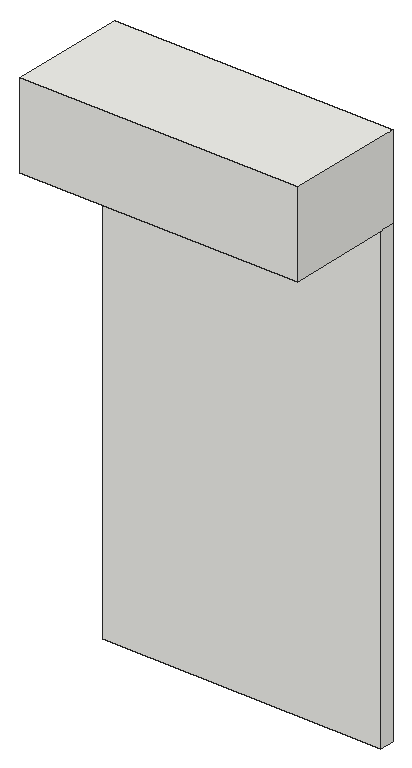
Revit family "SD1_SD2_鐵捲門(甲種)", category 門, Revit 2014
Parameters (values of type "150 x 250 cm")
  熱阻 (R) = 0.270117 (m²·K)/W
  Visual Light Transmittance = 0
  厚度 = 76.00 mm
  Solar Heat Gain Coefficient = 0
  營造類型 Id = "MDOOR"
  高度 = 2500.00 mm
  牆封閉 = 依主體
  寬度 = 1500.00 mm
  傳熱係數 (U) = 3.7021 W/(m²·K)
  功能 = 室外
  門材質 = 金屬 - 油漆塗層 - 象牙白,霧面
  解析營造 = "金屬"
Types (2, lengths in mm): name | 寬度
  150 x 250 cm | 1500.00
  350 x 250 cm | 3500.00
Reference planes
  plane 1: y = 0
  plane 2: z = 0
  plane 3: x = 0
  plane 4: x = -750
  plane 5: x = 750
  plane 6: z = 2500
  plane 7: z = 2957.2
  plane 8: x = -953.2
  plane 9: x = 953.2
Forms (mm)
  Extrusion 1, solid, material "金屬 - 油漆塗層 - 象牙白,霧面" <- "門材質"
    sketch origin (0, 0, 0) x (1, 0, 0) y (0, 1, 0)
      loop
        line (-750, -76.2) -> (-750, -152.2) -> (750, -152.2) -> (750, -76.2) -> (-750, -76.2)
    from 0 to 2500
  Extrusion 2, solid, material "金屬 - 油漆塗層 - 象牙白,霧面"
    sketch origin (-750, -152.2, 2500) x (0, 0, -1) y (1, 0, 0)
      loop
        line (-457.2, 0) -> (0, 0) -> (0, 1500) -> (-457.2, 1500) -> (-457.2, 0)
    from -76 to 558.8
Lines and regions (mm)
  Opening 1
    outline origin (-3302, -76.2, 0) x (1, 0, 0) y (0, 0, 1)
      loop
        line (2552, 0) -> (4052, 0) -> (4052, 2500) -> (2552, 2500) -> (2552, 0)
  model lines, style "DoorsPanelProjection"
    curve 1: line (750, -76.2, 0) -> (-750, -76.2, 0)
    curve 2: line (750, -76.2, 2321.429) -> (-750, -76.2, 2321.429)
    curve 3: line (-750, -76.2, 2142.857) -> (750, -76.2, 2142.857)
    curve 4: line (-750, -76.2, 1964.286) -> (750, -76.2, 1964.286)
    curve 5: line (-750, -76.2, 1785.714) -> (750, -76.2, 1785.714)
    curve 6: line (-750, -76.2, 1607.143) -> (750, -76.2, 1607.143)
    curve 7: line (-750, -76.2, 1428.571) -> (750, -76.2, 1428.571)
    curve 8: line (-750, -76.2, 1250) -> (750, -76.2, 1250)
    curve 9: line (-750, -76.2, 1071.429) -> (750, -76.2, 1071.429)
    curve 10: line (-750, -76.2, 892.857) -> (750, -76.2, 892.857)
    curve 11: line (-750, -76.2, 714.286) -> (750, -76.2, 714.286)
    curve 12: line (-750, -76.2, 535.714) -> (750, -76.2, 535.714)
    curve 13: line (-750, -76.2, 357.143) -> (750, -76.2, 357.143)
    curve 14: line (-750, -76.2, 178.571) -> (750, -76.2, 178.571)
  symbolic lines, style "立面圖打開方向"
    curve 15: line (-750, -76.2, 0) -> (750, -76.2, 0)
    curve 16: line (-750, -76.2, 0) -> (-750, -711, 0)
    curve 17: line (-750, -711, 0) -> (750, -711, 0)
    curve 18: line (750, -76.2, 0) -> (750, -711, 0)
Text (mm)
  text "外部" at (-1476.603, 1269.773, 0), in view "樓板線"
  text "外部" at (0, 888.654, 3134.195), in view "右"
Dimensions and locks
  equal spacing: plane 4, plane 3, plane 5
  "寬度": plane 4 to plane 5
  "高度": plane 2 to plane 6
  "厚度": Extrusion 1 sketch curve to Extrusion 1 sketch curve
  locked: plane 7 to plane 6 at 457.2
  equal spacing: host wall, curve 14, curve 13, curve 12, curve 11, curve 10, curve 9, curve 8, curve 7, curve 6, curve 5, curve 4, curve 3, curve 2, plane 6
  level to host wall = 4600.00 mm
  aligned and locked: plane 4 to Opening 1 sketch curve
  aligned and locked: plane 6 to Opening 1 sketch curve  (x2)
  aligned and locked: Opening 1 sketch curve to plane 5
  aligned and locked: Opening 1 sketch curve to level
  aligned and locked: host wall to Extrusion 1 sketch curve
  aligned and locked: plane 5 to curve 1
  aligned and locked: plane 4 to curve 1
  aligned and locked: Extrusion 1 to level
  aligned and locked: Extrusion 1 to host wall
  aligned and locked: plane 7 to Extrusion 2 sketch curve
  aligned and locked: plane 6 to Extrusion 2 sketch curve
  aligned and locked: Extrusion 2 to Extrusion 1
  aligned and locked: Extrusion 1 to curve 2
  aligned and locked: curve 2 to Extrusion 1
  aligned and locked: plane 4 to curve 3
  aligned and locked: plane 5 to curve 3
  aligned and locked: plane 4 to curve 4
  aligned and locked: Extrusion 1 to curve 4
  aligned and locked: curve 5 to Extrusion 1
  aligned and locked: Extrusion 1 to curve 5
  aligned and locked: curve 6 to Extrusion 1
  aligned and locked: Extrusion 1 to curve 6
  aligned and locked: plane 4 to curve 7
  aligned and locked: Extrusion 1 to curve 7
  aligned and locked: plane 4 to curve 8
  aligned and locked: Extrusion 1 to curve 8
  aligned and locked: plane 4 to curve 9
  aligned and locked: plane 5 to curve 9
  aligned and locked: plane 4 to curve 10
  aligned and locked: Extrusion 1 to curve 10
  aligned and locked: curve 11 to Extrusion 1
  aligned and locked: Extrusion 1 to curve 11
  aligned and locked: curve 12 to Extrusion 1
  aligned and locked: Extrusion 1 to curve 12
  aligned and locked: plane 4 to curve 13
  aligned and locked: plane 5 to curve 13
  aligned and locked: plane 4 to curve 14
  aligned and locked: plane 5 to curve 14
  aligned and locked: Extrusion 2 to plane 5
  aligned and locked: plane 4 to Extrusion 2
  aligned and locked: plane 4 to curve 16
  aligned and locked: plane 5 to curve 18
Automatic sketch dimensions
  Extrusion 1 sketch curve to plane 4 = 0.00 mm
  Extrusion 1 sketch curve to plane 5 = 0.00 mm
  curve 1 to level = 0.00 mm
  host wall to curve 16 = 0.00 mm
  host wall to curve 18 = 634.80 mm
  Extrusion 2 sketch curve to Extrusion 1 = 0.00 mm  (x2)
